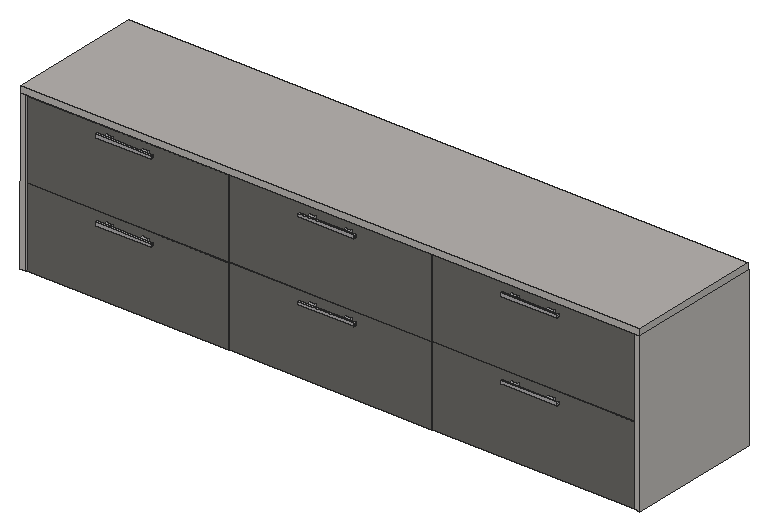
Revit family "Storage-Teknion-CWRS_Teknion_Reception_Console-R2016", category Furniture, Revit 2018 (continued)
Lines and regions (in)
  symbolic lines, style "FurnitureHiddenLines", visible <- "Triple Bay", detail levels medium+fine
    curve 23: line (-16.96104, 11.882, 0) -> (-18.00004, 11.882, 0)
    curve 24: line (18.00004, 11.882, 0) -> (16.96104, 11.882, 0)
    curve 25: line (19.03904, 11.882, 0) -> (18.00004, 11.882, 0)
    curve 35: line (-19.03904, 11.882, 0) -> (-19.03904, -11.039, 0)
    curve 36: line (-17.96104, -11.882, 0) -> (-17.96104, -11.157, 0)
    curve 37: line (-18.03978, -11.157, 0) -> (-18.03978, -11.882, 0)
    curve 38: line (18.03904, -11.882, 0) -> (18.03904, -11.157, 0)
    curve 39: line (17.9603, -11.157, 0) -> (17.9603, -11.882, 0)
    curve 40: line (-52.96113, 9.15748, 0) -> (-19.03904, 9.15748, 0)
    curve 41: line (-19.03904, 9.88189, 0) -> (-52.96113, 9.88189, 0)
    curve 42: line (16.96104, 9.88189, 0) -> (-16.96104, 9.88189, 0)
    curve 43: line (-16.96104, 9.15748, 0) -> (16.96104, 9.15748, 0)
    curve 44: line (52.96113, 9.88189, 0) -> (19.03904, 9.88189, 0)
    curve 45: line (19.03904, 9.15748, 0) -> (52.96113, 9.15748, 0)
  symbolic lines, style "FurnitureHiddenLines", visible <- "Double Bay", detail levels medium+fine
    curve 26: line (-1.039, 11.882, 0) -> (-1.039, -11.039, 0)
    curve 27: line (0, 11.882, 0) -> (0, -11.039, 0)
    curve 28: line (1.039, -11.039, 0) -> (1.039, 11.882, 0)
    curve 29: line (0, 11.882, 0) -> (-1.039, 11.882, 0)
    curve 30: line (1.039, 11.882, 0) -> (0, 11.882, 0)
    curve 46: line (52.96113, 9.88189, 0) -> (1.039, 9.88189, 0)
    curve 47: line (1.039, 9.15748, 0) -> (52.96113, 9.15748, 0)
    curve 48: line (-52.96113, 9.15748, 0) -> (-1.039, 9.15748, 0)
    curve 49: line (-1.039, 9.88189, 0) -> (-52.96113, 9.88189, 0)
    curve 76: line (0.039, -11.882, 0) -> (0.039, -11.157, 0)
    curve 77: line (-0.03974, -11.157, 0) -> (-0.03974, -11.882, 0)
  symbolic lines, style "FurnitureHiddenLines", visible <- "4T&Double", detail levels medium+fine
    curve 50: line (-0.97454, 5.47441, 0) -> (-54.00013, 5.47441, 0)
    curve 51: line (-0.97454, 12, 0) -> (-0.97454, 5.47441, 0)
    curve 52: line (-0.25013, 5.47441, 0) -> (-0.25013, 11.27559, 0)
    curve 53: line (0, 5.47441, 0) -> (-0.25013, 5.47441, 0)
    curve 54: line (0, 4.75, 0) -> (0, 5.47441, 0)
    curve 55: line (-54.00013, 4.75, 0) -> (0, 4.75, 0)
    curve 56: line (-0.25013, 11.27559, 0) -> (54.00013, 11.27559, 0)
  symbolic lines, style "FurnitureHiddenLines", visible <- "4T&Triple", detail levels medium+fine
    curve 57: line (17.02583, 5.47441, 0) -> (-17.02535, 5.47441, 0)
    curve 58: line (-17.02535, 5.47441, 0) -> (-17.02535, 11.27559, 0)
    curve 59: line (-17.02535, 11.27559, 0) -> (17.02583, 11.27559, 0)
    curve 60: line (17.02583, 11.27559, 0) -> (17.02583, 5.47441, 0)
    curve 61: line (-54.00013, 11.27559, 0) -> (-17.74976, 11.27559, 0)
    curve 62: line (-17.74976, 11.27559, 0) -> (-17.74976, 5.47441, 0)
    curve 63: line (-17.74976, 5.47441, 0) -> (-18.00004, 5.47441, 0)
    curve 64: line (-18.00004, 5.47441, 0) -> (-18.00004, 4.75, 0)
    curve 65: line (-18.00004, 4.75, 0) -> (18.00004, 4.75, 0)
    curve 66: line (18.00004, 4.75, 0) -> (18.00004, 5.47441, 0)
    curve 67: line (18.00004, 5.47441, 0) -> (17.75024, 5.47441, 0)
    curve 68: line (17.75024, 5.47441, 0) -> (17.75024, 11.27559, 0)
    curve 69: line (17.75024, 11.27559, 0) -> (54.00013, 11.27559, 0)
  symbolic lines, style "FurnitureHiddenLines", visible <- "Handle Vertical Triple", detail levels medium+fine
    curve 70: line (-36.03946, -11.157, 0) -> (-36.03946, -11.882, 0)
    curve 71: line (-35.96072, -11.882, 0) -> (-35.96072, -11.157, 0)
    curve 72: line (-0.03937, -11.157, 0) -> (-0.03937, -11.882, 0)
    curve 73: line (0.03937, -11.882, 0) -> (0.03937, -11.157, 0)
    curve 74: line (35.96072, -11.157, 0) -> (35.96072, -11.882, 0)
    curve 75: line (36.03946, -11.882, 0) -> (36.03946, -11.157, 0)
  symbolic lines, style "FurnitureHiddenLines", visible <- "Handle Vertical Double", detail levels medium+fine
    curve 78: line (-27.03944, -11.157, 0) -> (-27.03944, -11.882, 0)
    curve 79: line (-26.96069, -11.882, 0) -> (-26.96069, -11.157, 0)
    curve 80: line (26.96069, -11.157, 0) -> (26.96069, -11.882, 0)
    curve 81: line (27.03944, -11.882, 0) -> (27.03944, -11.157, 0)
  symbolic lines, style "FurnitureHiddenLines", visible <- "All Single Drawer Upper Closed Cabinet Lower & Triple", detail levels medium+fine
    curve 82: line (-37.65568, -12.58594, 0) -> (-37.65568, -12.88594, 0)
    curve 83: line (-37.1045, -12.88594, 0) -> (-37.1045, -12.58594, 0)
    curve 84: line (-34.89568, -12.58594, 0) -> (-34.89568, -12.88594, 0)
    curve 85: line (-34.3445, -12.88594, 0) -> (-34.3445, -12.58594, 0)
    curve 86: line (-1.65559, -12.58594, 0) -> (-1.65559, -12.88594, 0)
    curve 87: line (-1.10441, -12.88594, 0) -> (-1.10441, -12.58594, 0)
    curve 88: line (1.10441, -12.58594, 0) -> (1.10441, -12.88594, 0)
    curve 89: line (1.65559, -12.88594, 0) -> (1.65559, -12.58594, 0)
    curve 90: line (34.3445, -12.58594, 0) -> (34.3445, -12.88594, 0)
    curve 91: line (34.89568, -12.88594, 0) -> (34.89568, -12.58594, 0)
    curve 92: line (37.1045, -12.58594, 0) -> (37.1045, -12.88594, 0)
    curve 93: line (37.65568, -12.88594, 0) -> (37.65568, -12.58594, 0)
  symbolic lines, style "FurnitureHiddenLines", visible <- "All Single Drawer Upper Closed Cabinet Lower & Double", detail levels medium+fine
    curve 94: line (-28.65566, -12.58594, 0) -> (-28.65566, -12.88594, 0)
    curve 95: line (-28.10447, -12.88594, 0) -> (-28.10447, -12.58594, 0)
    curve 96: line (-25.89566, -12.58594, 0) -> (-25.89566, -12.88594, 0)
    curve 97: line (-25.34447, -12.88594, 0) -> (-25.34447, -12.58594, 0)
    curve 98: line (25.34447, -12.58594, 0) -> (25.34447, -12.88594, 0)
    curve 99: line (25.89566, -12.88594, 0) -> (25.89566, -12.58594, 0)
    curve 100: line (28.10447, -12.58594, 0) -> (28.10447, -12.88594, 0)
    curve 101: line (28.65566, -12.88594, 0) -> (28.65566, -12.58594, 0)
  reference lines, not visible
    curve 103: line (-55.03913, 12, 0) -> (-55.03913, -12, 0)
    curve 104: line (-55.03913, 12, 0) -> (55.03913, 12, 0)
    curve 105: line (55.03913, 12, 0) -> (55.03913, -12, 0)
    curve 106: line (-55.03913, -12, 0) -> (55.03913, -12, 0)
Dimensions and locks (in)
  "Actual Width": plane 4 "Left" to plane 5 "Right"
  "Depth": plane 6 "Back" to plane 7 "Front"
  "Height": plane 8 "Top" to level
  equal spacing: plane 6 "Back", plane 1 "Center Front/Back", plane 7 "Front"
  equal spacing: plane 4 "Left", plane 3 "Center Left/Right", plane 5 "Right"
  plane 4 "Left" to plane 10 to plane 36 to plane 21 = 1.03937" locked, 0.039" locked, 1.000"
  plane 25 to plane 37 "B" to plane 11 to plane 5 "Right" = 1.000" locked, 0.039" locked, 1.03937" locked
  equal spacing: plane 10, plane 9, plane 3 "Center Left/Right"
  equal spacing: plane 3 "Center Left/Right", plane 12, plane 11
  equal spacing: plane 10, plane 13, plane 14, plane 11
  "Side Top Offsets": plane 15 to level
  "Interal Divider Offsets": plane 16 to level
  plane 6 "Back" to plane 22 to plane 32 to plane 33 to plane 44 = 0.118" locked, 2.00011" locked, 0.72441" locked, 5.15748" locked
  plane 17 to plane 13 to plane 18 = 1.039" locked, 1.039" locked
  plane 19 to plane 3 "Center Left/Right" to plane 20 = 1.039" locked, 1.039" locked
  plane 23 to plane 14 to plane 24 = 1.039" locked, 1.039" locked
  plane 41 to plane 7 "Front" to plane 35 to plane 34 to plane 26 = 2.000" locked, 0.118" locked, 0.725" locked, 0.118" locked
  "Bottom Trim Offset": plane 7 "Front" to plane 27
  locked: plane 28 to plane 27 at 0.724
  plane 31 to plane 30 to level = 0.72441" locked, 2.500" locked
  plane 16 to plane 38 to plane 29 = 0.079" locked, 0.64578" locked
  equal spacing: plane 10, plane 39, plane 13
  equal spacing: plane 14, plane 40, plane 11
  Sweep 15 sketch curve to Sweep 15 sketch curve to plane 7 "Front" = 0.72441" locked, 1.61859" locked
  "Bottom Trim Cutout": Sweep 16 sketch curve to plane 41
  "Double Bay Offset": Sweep 17 sketch curve to plane 41
  Sweep 17 sketch curve to plane 3 "Center Left/Right" to Sweep 17 sketch curve = 0.039" locked, 0.03974" locked
  "Triple Bay Offset": Sweep 18 sketch curve to plane 41
  Sweep 18 sketch curve to plane 14 to Sweep 18 sketch curve = 0.03974" locked, 0.039" locked
  Sweep 18 sketch curve to plane 13 to Sweep 18 sketch curve = 0.03974" locked, 0.039" locked
  locked: Sweep 19 sketch curve to plane 16 at 1.03937
  "Top Side Offsets": plane 42 "A" to plane 10
  "Top Side Offsets": plane 11 to plane 43 "C"
  locked: plane 15 to Sweep 20 sketch curve at 1.03937
  plane 15 to Sweep 21 sketch curve to Sweep 21 sketch curve = 1.03937" locked, 4.96026" locked
  plane 6 "Back" to Sweep 21 sketch curve to Sweep 21 sketch curve to Sweep 21 sketch curve to Sweep 21 sketch curve = 0.72441" locked, 5.80118" locked, 0.000" locked, 0.72441" locked
  Sweep 21 sketch curve to Sweep 21 sketch curve to plane 3 "Center Left/Right" = 0.72441" locked, 0.25013" locked
  plane 15 to Sweep 22 sketch curve to Sweep 22 sketch curve = 1.03937" locked, 4.96026" locked
  plane 6 "Back" to Sweep 22 sketch curve to Sweep 22 sketch curve to Sweep 22 sketch curve to Sweep 22 sketch curve to Sweep 22 sketch curve to Sweep 22 sketch curve to Sweep 22 sketch curve = 0.72441" locked, 0.000" locked, 0.000" locked, 5.80118" locked, 0.000" locked, 0.000" locked, 0.72441" locked
  Sweep 22 sketch curve to Sweep 22 sketch curve to plane 14 = 0.72441" locked, 0.2498" locked
  plane 13 to Sweep 22 sketch curve to Sweep 22 sketch curve = 0.25028" locked, 0.72441" locked
  "Vertical Door Cut Offset": plane 38 to plane 46
  "Double Bay Door Offset": Sweep 23 sketch curve to plane 41
  Sweep 23 sketch curve to plane 9 to Sweep 23 sketch curve = 0.03937" locked, 0.03937" locked
  Sweep 23 sketch curve to plane 12 to Sweep 23 sketch curve = 0.03937" locked, 0.03937" locked
  "Triple Bay Door Offset": Sweep 24 sketch curve to plane 41
  Sweep 24 sketch curve to plane 39 to Sweep 24 sketch curve = 0.03937" locked, 0.03937" locked
  Sweep 24 sketch curve to plane 3 "Center Left/Right" to Sweep 24 sketch curve = 0.03937" locked, 0.03937" locked
  Sweep 24 sketch curve to plane 40 to Sweep 24 sketch curve = 0.03937" locked, 0.03937" locked
  "Horizontal Drawer Cut Offset": Sweep 25 sketch curve to plane 41
  locked: Sweep 25 sketch curve to plane 45 at 0.07874
  "Horizontal Drawer Cut 2 Height Offset": plane 47 to level
  "Horizontal Drawer Cut Offset 2": Sweep 26 sketch curve to plane 41
  locked: Sweep 26 sketch curve to plane 47 at 0.07874
  "Horizontal Drawer Cut Height Offset": plane 45 to level
  locked: plane 35 to Sweep 27 sketch curve at 0.78074
  Sweep 27 sketch curve to Sweep 27 sketch curve to plane 39 to Sweep 27 sketch curve to Sweep 27 sketch curve = 1.07815" locked, 2.69004" locked, 2.68851" locked, 1.07815" locked
  Sweep 27 sketch curve to Sweep 27 sketch curve to plane 3 "Center Left/Right" to Sweep 27 sketch curve to Sweep 27 sketch curve = 1.07815" locked, 2.68888" locked, 2.68967" locked, 1.07815" locked
  Sweep 27 sketch curve to Sweep 27 sketch curve to plane 40 to Sweep 27 sketch curve to Sweep 27 sketch curve = 1.07815" locked, 2.68888" locked, 2.68967" locked, 1.07815" locked
  plane 38 to Sweep 27 sketch curve to Sweep 27 sketch curve to Sweep 27 sketch curve to Sweep 27 sketch curve to Sweep 27 sketch curve to Sweep 27 sketch curve to Sweep 27 sketch curve to Sweep 27 sketch curve to Sweep 27 sketch curve to Sweep 27 sketch curve to Sweep 27 sketch curve to Sweep 27 sketch curve = 1.17557" locked, 0.000" locked, 0.000" locked, 0.000" locked, 0.000" locked, 0.000" locked, 0.40886" locked, 0.000" locked, 0.000" locked, 0.000" locked, 0.000" locked, 0.000" locked
  locked: plane 35 to Sweep 28 sketch curve at 0.78074
  Sweep 28 sketch curve to Sweep 28 sketch curve to plane 9 to Sweep 28 sketch curve to Sweep 28 sketch curve = 1.07815" locked, 2.68851" locked, 2.69004" locked, 1.07815" locked
  Sweep 28 sketch curve to Sweep 28 sketch curve to plane 12 to Sweep 28 sketch curve to Sweep 28 sketch curve = 1.07815" locked, 2.69004" locked, 2.68851" locked, 1.07815" locked
  plane 38 to Sweep 28 sketch curve to Sweep 28 sketch curve to Sweep 28 sketch curve to Sweep 28 sketch curve to Sweep 28 sketch curve to Sweep 28 sketch curve to Sweep 28 sketch curve to Sweep 28 sketch curve = 1.17557" locked, 0.000" locked, 0.000" locked, 0.000" locked, 0.40886" locked, 0.000" locked, 0.000" locked, 0.000" locked
  locked: plane 35 to Sweep 29 sketch curve at 0.78074
  plane 45 to Sweep 29 sketch curve to Sweep 29 sketch curve to Sweep 29 sketch curve to Sweep 29 sketch curve to Sweep 29 sketch curve to Sweep 29 sketch curve to Sweep 29 sketch curve to Sweep 29 sketch curve to Sweep 29 sketch curve to Sweep 29 sketch curve to Sweep 29 sketch curve to Sweep 29 sketch curve = 1.17557" locked, 0.000" locked, 0.000" locked, 0.000" locked, 0.000" locked, 0.000" locked, 0.40886" locked, 0.000" locked, 0.000" locked, 0.000" locked, 0.000" locked, 0.000" locked
  Sweep 29 sketch curve to Sweep 29 sketch curve to plane 39 to Sweep 29 sketch curve to Sweep 29 sketch curve = 1.07815" locked, 2.69004" locked, 2.68851" locked, 1.07815" locked
  Sweep 29 sketch curve to Sweep 29 sketch curve to plane 3 "Center Left/Right" to Sweep 29 sketch curve to Sweep 29 sketch curve = 1.07815" locked, 2.68888" locked, 2.68967" locked, 1.07815" locked
  Sweep 29 sketch curve to Sweep 29 sketch curve to plane 40 to Sweep 29 sketch curve to Sweep 29 sketch curve = 1.07815" locked, 2.68967" locked, 2.68888" locked, 1.07815" locked
  locked: plane 35 to Sweep 30 sketch curve at 0.78074
  plane 45 to Sweep 30 sketch curve to Sweep 30 sketch curve to Sweep 30 sketch curve to Sweep 30 sketch curve to Sweep 30 sketch curve to Sweep 30 sketch curve to Sweep 30 sketch curve to Sweep 30 sketch curve = 1.17557" locked, 0.000" locked, 0.000" locked, 0.000" locked, 0.40886" locked, 0.000" locked, 0.000" locked, 0.000" locked
  Sweep 30 sketch curve to Sweep 30 sketch curve to plane 9 to Sweep 30 sketch curve to Sweep 30 sketch curve = 1.07815" locked, 2.68851" locked, 2.69004" locked, 1.07815" locked
  Sweep 30 sketch curve to Sweep 30 sketch curve to plane 12 to Sweep 30 sketch curve to Sweep 30 sketch curve = 1.07815" locked, 2.69004" locked, 2.68851" locked, 1.07815" locked
  locked: plane 35 to Sweep 31 sketch curve at 0.78074
  plane 47 to Sweep 31 sketch curve to Sweep 31 sketch curve to Sweep 31 sketch curve to Sweep 31 sketch curve to Sweep 31 sketch curve to Sweep 31 sketch curve to Sweep 31 sketch curve to Sweep 31 sketch curve to Sweep 31 sketch curve to Sweep 31 sketch curve to Sweep 31 sketch curve to Sweep 31 sketch curve = 1.17557" locked, 0.000" locked, 0.000" locked, 0.000" locked, 0.000" locked, 0.000" locked, 0.40886" locked, 0.000" locked, 0.000" locked, 0.000" locked, 0.000" locked, 0.000" locked
  Sweep 31 sketch curve to Sweep 31 sketch curve to plane 39 to Sweep 31 sketch curve to Sweep 31 sketch curve = 1.07815" locked, 2.69004" locked, 2.68851" locked, 1.07815" locked
  Sweep 31 sketch curve to Sweep 31 sketch curve to plane 3 "Center Left/Right" to Sweep 31 sketch curve to Sweep 31 sketch curve = 1.07815" locked, 2.68888" locked, 2.68967" locked, 1.07815" locked
  Sweep 31 sketch curve to Sweep 31 sketch curve to plane 40 to Sweep 31 sketch curve to Sweep 31 sketch curve = 1.07815" locked, 2.68967" locked, 2.68888" locked, 1.07815" locked
  locked: plane 35 to Sweep 32 sketch curve at 0.78074
  plane 47 to Sweep 32 sketch curve to Sweep 32 sketch curve to Sweep 32 sketch curve to Sweep 32 sketch curve to Sweep 32 sketch curve to Sweep 32 sketch curve to Sweep 32 sketch curve to Sweep 32 sketch curve = 1.17557" locked, 0.000" locked, 0.000" locked, 0.000" locked, 0.40886" locked, 0.000" locked, 0.000" locked, 0.000" locked
  Sweep 32 sketch curve to Sweep 32 sketch curve to plane 9 to Sweep 32 sketch curve to Sweep 32 sketch curve = 1.07815" locked, 2.68851" locked, 2.69004" locked, 1.07815" locked
  Sweep 32 sketch curve to Sweep 32 sketch curve to plane 12 to Sweep 32 sketch curve to Sweep 32 sketch curve = 1.07815" locked, 2.69004" locked, 2.68851" locked, 1.07815" locked
  plane 35 to Sweep 33 sketch curve to Sweep 33 sketch curve = 0.70394" locked, 0.300" locked
  Sweep 33 sketch curve to Sweep 33 sketch curve to Sweep 33 sketch curve to plane 39 to Sweep 33 sketch curve to Sweep 33 sketch curve to Sweep 33 sketch curve = 0.1378" locked, 0.000" locked, 4.8622" locked, 4.8622" locked, 0.000" locked, 0.1378" locked
  Sweep 33 sketch curve to Sweep 33 sketch curve to Sweep 33 sketch curve to plane 3 "Center Left/Right" to Sweep 33 sketch curve to Sweep 33 sketch curve to Sweep 33 sketch curve = 0.1378" locked, 0.000" locked, 4.86181" locked, 4.8626" locked, 0.000" locked, 0.1378" locked
  Sweep 33 sketch curve to Sweep 33 sketch curve to Sweep 33 sketch curve to plane 40 to Sweep 33 sketch curve to Sweep 33 sketch curve to Sweep 33 sketch curve = 0.1378" locked, 0.000" locked, 4.8626" locked, 4.86181" locked, 0.000" locked, 0.1378" locked
  plane 38 to Sweep 33 sketch curve to Sweep 33 sketch curve to Sweep 33 sketch curve to Sweep 33 sketch curve to Sweep 33 sketch curve to Sweep 33 sketch curve to Sweep 33 sketch curve to Sweep 33 sketch curve to Sweep 33 sketch curve to Sweep 33 sketch curve to Sweep 33 sketch curve to Sweep 33 sketch curve to Sweep 33 sketch curve to Sweep 33 sketch curve to Sweep 33 sketch curve to Sweep 33 sketch curve to Sweep 33 sketch curve to Sweep 33 sketch curve = 1.10441" locked, 0.000" locked, 0.000" locked, 0.1378" locked, 0.000" locked, 0.000" locked, 0.000" locked, 0.000" locked, 0.000" locked, 0.27559" locked, 0.000" locked, 0.000" locked, 0.000" locked, 0.000" locked, 0.000" locked, 0.1378" locked, 0.000" locked, 0.000" locked
  plane 35 to Sweep 34 sketch curve to Sweep 34 sketch curve = 0.70394" locked, 0.300" locked
  Sweep 34 sketch curve to Sweep 34 sketch curve to Sweep 34 sketch curve to plane 9 to Sweep 34 sketch curve to Sweep 34 sketch curve to Sweep 34 sketch curve = 0.1378" locked, 0.000" locked, 4.86144" locked, 4.86297" locked, 0.000" locked, 0.1378" locked
  Sweep 34 sketch curve to Sweep 34 sketch curve to Sweep 34 sketch curve to plane 12 to Sweep 34 sketch curve to Sweep 34 sketch curve to Sweep 34 sketch curve = 0.1378" locked, 0.000" locked, 4.86144" locked, 4.86297" locked, 0.000" locked, 0.1378" locked
  plane 38 to Sweep 34 sketch curve to Sweep 34 sketch curve to Sweep 34 sketch curve to Sweep 34 sketch curve to Sweep 34 sketch curve to Sweep 34 sketch curve = 1.10441" locked, 0.1378" locked, 0.000" locked, 0.27559" locked, 0.000" locked, 0.1378" locked  (x2)
  plane 35 to Sweep 35 sketch curve to Sweep 35 sketch curve = 0.70394" locked, 0.300" locked
  Sweep 35 sketch curve to Sweep 35 sketch curve to Sweep 35 sketch curve to plane 39 to Sweep 35 sketch curve to Sweep 35 sketch curve to Sweep 35 sketch curve = 0.1378" locked, 0.000" locked, 4.8622" locked, 4.8622" locked, 0.000" locked, 0.1378" locked
  Sweep 35 sketch curve to Sweep 35 sketch curve to Sweep 35 sketch curve to plane 3 "Center Left/Right" to Sweep 35 sketch curve to Sweep 35 sketch curve to Sweep 35 sketch curve = 0.1378" locked, 0.000" locked, 4.86181" locked, 4.8626" locked, 0.000" locked, 0.1378" locked
  Sweep 35 sketch curve to Sweep 35 sketch curve to Sweep 35 sketch curve to plane 40 to Sweep 35 sketch curve to Sweep 35 sketch curve to Sweep 35 sketch curve = 0.1378" locked, 0.000" locked, 4.8626" locked, 4.86181" locked, 0.000" locked, 0.1378" locked
  plane 47 to Sweep 35 sketch curve to Sweep 35 sketch curve to Sweep 35 sketch curve to Sweep 35 sketch curve to Sweep 35 sketch curve to Sweep 35 sketch curve to Sweep 35 sketch curve to Sweep 35 sketch curve to Sweep 35 sketch curve to Sweep 35 sketch curve to Sweep 35 sketch curve to Sweep 35 sketch curve to Sweep 35 sketch curve to Sweep 35 sketch curve to Sweep 35 sketch curve to Sweep 35 sketch curve to Sweep 35 sketch curve to Sweep 35 sketch curve = 1.10441" locked, 0.000" locked, 0.000" locked, 0.1378" locked, 0.000" locked, 0.000" locked, 0.000" locked, 0.000" locked, 0.000" locked, 0.27559" locked, 0.000" locked, 0.000" locked, 0.000" locked, 0.000" locked, 0.000" locked, 0.1378" locked, 0.000" locked, 0.000" locked
  plane 35 to Sweep 36 sketch curve to Sweep 36 sketch curve = 0.70394" locked, 0.300" locked
  Sweep 36 sketch curve to Sweep 36 sketch curve to Sweep 36 sketch curve to plane 9 to Sweep 36 sketch curve to Sweep 36 sketch curve to Sweep 36 sketch curve = 0.1378", 0.000", 4.86144", 4.86297", 0.000", 0.1378"
  Sweep 36 sketch curve to Sweep 36 sketch curve to Sweep 36 sketch curve to plane 12 to Sweep 36 sketch curve to Sweep 36 sketch curve to Sweep 36 sketch curve = 0.1378" locked, 0.000" locked, 4.86144" locked, 4.86297" locked, 0.000" locked, 0.1378" locked
  plane 47 to Sweep 36 sketch curve to Sweep 36 sketch curve to Sweep 36 sketch curve to Sweep 36 sketch curve to Sweep 36 sketch curve to Sweep 36 sketch curve to Sweep 36 sketch curve to Sweep 36 sketch curve to Sweep 36 sketch curve to Sweep 36 sketch curve to Sweep 36 sketch curve to Sweep 36 sketch curve = 1.10441" locked, 0.000" locked, 0.1378" locked, 0.000" locked, 0.000" locked, 0.000" locked, 0.27559" locked, 0.000" locked, 0.000" locked, 0.000" locked, 0.1378" locked, 0.000" locked
  plane 35 to Sweep 37 sketch curve to Sweep 37 sketch curve = 0.70394" locked, 0.300" locked
  Sweep 37 sketch curve to Sweep 37 sketch curve to Sweep 37 sketch curve to plane 39 to Sweep 37 sketch curve to Sweep 37 sketch curve to Sweep 37 sketch curve = 0.1378" locked, 0.000" locked, 4.8622" locked, 4.8622" locked, 0.000" locked, 0.1378" locked
  Sweep 37 sketch curve to Sweep 37 sketch curve to Sweep 37 sketch curve to plane 3 "Center Left/Right" to Sweep 37 sketch curve to Sweep 37 sketch curve to Sweep 37 sketch curve = 0.1378" locked, 0.000" locked, 4.86181" locked, 4.8626" locked, 0.000" locked, 0.1378" locked
  Sweep 37 sketch curve to Sweep 37 sketch curve to Sweep 37 sketch curve to plane 40 to Sweep 37 sketch curve to Sweep 37 sketch curve to Sweep 37 sketch curve = 0.1378" locked, 0.000" locked, 4.8626" locked, 4.86181" locked, 0.000" locked, 0.1378" locked
  plane 45 to Sweep 37 sketch curve to Sweep 37 sketch curve to Sweep 37 sketch curve to Sweep 37 sketch curve to Sweep 37 sketch curve to Sweep 37 sketch curve to Sweep 37 sketch curve to Sweep 37 sketch curve to Sweep 37 sketch curve to Sweep 37 sketch curve to Sweep 37 sketch curve to Sweep 37 sketch curve to Sweep 37 sketch curve to Sweep 37 sketch curve to Sweep 37 sketch curve to Sweep 37 sketch curve to Sweep 37 sketch curve to Sweep 37 sketch curve = 1.10441" locked, 0.000" locked, 0.000" locked, 0.1378" locked, 0.000" locked, 0.000" locked, 0.000" locked, 0.000" locked, 0.000" locked, 0.27559" locked, 0.000" locked, 0.000" locked, 0.000" locked, 0.000" locked, 0.000" locked, 0.1378" locked, 0.000" locked, 0.000" locked
  plane 35 to Sweep 38 sketch curve to Sweep 38 sketch curve = 0.70394" locked, 0.300" locked
  Sweep 38 sketch curve to Sweep 38 sketch curve to Sweep 38 sketch curve to plane 9 to Sweep 38 sketch curve to Sweep 38 sketch curve to Sweep 38 sketch curve = 0.1378" locked, 0.000" locked, 4.86144" locked, 4.86297" locked, 0.000" locked, 0.1378" locked
  Sweep 38 sketch curve to Sweep 38 sketch curve to Sweep 38 sketch curve to plane 12 to Sweep 38 sketch curve to Sweep 38 sketch curve to Sweep 38 sketch curve = 0.1378" locked, 0.000" locked, 4.86144" locked, 4.86297" locked, 0.000" locked, 0.1378" locked
  plane 45 to Sweep 38 sketch curve to Sweep 38 sketch curve to Sweep 38 sketch curve to Sweep 38 sketch curve to Sweep 38 sketch curve to Sweep 38 sketch curve to Sweep 38 sketch curve to Sweep 38 sketch curve to Sweep 38 sketch curve to Sweep 38 sketch curve to Sweep 38 sketch curve to Sweep 38 sketch curve = 1.10441" locked, 0.000" locked, 0.1378" locked, 0.000" locked, 0.000" locked, 0.000" locked, 0.27559" locked, 0.000" locked, 0.000" locked, 0.000" locked, 0.1378" locked, 0.000" locked
  locked: plane 35 to Sweep 39 sketch curve at 0.78074
  Sweep 39 sketch curve to Sweep 39 sketch curve to Sweep 39 sketch curve to Sweep 39 sketch curve to plane 39 to Sweep 39 sketch curve to Sweep 39 sketch curve to Sweep 39 sketch curve to Sweep 39 sketch curve = 0.000" locked, 0.40886" locked, 0.000" locked, 1.17557" locked, 1.17557" locked, 0.000" locked, 0.40886" locked, 0.000" locked
  Sweep 39 sketch curve to Sweep 39 sketch curve to Sweep 39 sketch curve to Sweep 39 sketch curve to plane 3 "Center Left/Right" to Sweep 39 sketch curve to Sweep 39 sketch curve to Sweep 39 sketch curve to Sweep 39 sketch curve = 0.000" locked, 0.40886" locked, 0.000" locked, 1.17557" locked, 1.17557" locked, 0.000" locked, 0.40886" locked, 0.000" locked
  Sweep 39 sketch curve to Sweep 39 sketch curve to Sweep 39 sketch curve to Sweep 39 sketch curve to plane 40 to Sweep 39 sketch curve to Sweep 39 sketch curve to Sweep 39 sketch curve to Sweep 39 sketch curve = 0.000" locked, 0.40886" locked, 0.000" locked, 1.17557" locked, 1.17557" locked, 0.000" locked, 0.40886" locked, 0.000" locked
  Sweep 39 sketch curve to Sweep 39 sketch curve to Sweep 39 sketch curve to Sweep 39 sketch curve to Sweep 39 sketch curve to Sweep 39 sketch curve to Sweep 39 sketch curve to Sweep 39 sketch curve to Sweep 39 sketch curve to Sweep 39 sketch curve to Sweep 39 sketch curve to Sweep 39 sketch curve to Sweep 39 sketch curve to Sweep 39 sketch curve to Sweep 39 sketch curve to Sweep 39 sketch curve to Sweep 39 sketch curve to Sweep 39 sketch curve to Sweep 39 sketch curve to Sweep 39 sketch curve to Sweep 39 sketch curve to Sweep 39 sketch curve to Sweep 39 sketch curve to Sweep 39 sketch curve = 0.000" locked, 0.000" locked, 0.000" locked, 0.000" locked, 0.000" locked, 1.07815" locked, 0.000" locked, 0.000" locked, 0.000" locked, 0.000" locked, 0.000" locked, 5.37854" locked, 0.000" locked, 0.000" locked, 0.000" locked, 0.000" locked, 0.000" locked, 1.07815" locked, 0.000" locked, 0.000" locked, 0.000" locked, 0.000" locked, 0.000" locked
  locked: plane 35 to Sweep 40 sketch curve at 0.78074
  Sweep 40 sketch curve to Sweep 40 sketch curve to Sweep 40 sketch curve to Sweep 40 sketch curve to plane 9 to Sweep 40 sketch curve to Sweep 40 sketch curve to Sweep 40 sketch curve to Sweep 40 sketch curve = 0.000" locked, 0.40886" locked, 0.000" locked, 1.17557" locked, 1.17557" locked, 0.000" locked, 0.40886" locked, 0.000" locked
  Sweep 40 sketch curve to Sweep 40 sketch curve to Sweep 40 sketch curve to Sweep 40 sketch curve to plane 12 to Sweep 40 sketch curve to Sweep 40 sketch curve to Sweep 40 sketch curve to Sweep 40 sketch curve = 0.000" locked, 0.40886" locked, 0.000" locked, 1.17557" locked, 1.17557" locked, 0.000" locked, 0.40886" locked, 0.000" locked
  Sweep 40 sketch curve to Sweep 40 sketch curve to Sweep 40 sketch curve to Sweep 40 sketch curve to Sweep 40 sketch curve to Sweep 40 sketch curve to Sweep 40 sketch curve to Sweep 40 sketch curve to Sweep 40 sketch curve to Sweep 40 sketch curve to Sweep 40 sketch curve to Sweep 40 sketch curve to Sweep 40 sketch curve to Sweep 40 sketch curve to Sweep 40 sketch curve to Sweep 40 sketch curve = 0.000" locked, 0.000" locked, 0.000" locked, 1.07815" locked, 0.000" locked, 0.000" locked, 0.000" locked, 5.37854" locked, 0.000" locked, 0.000" locked, 0.000" locked, 1.07815" locked, 0.000" locked, 0.000" locked, 0.000" locked
  plane 16 to plane 38 = 0.079"
  plane 35 to Sweep 41 sketch curve to Sweep 41 sketch curve = 0.70394" locked, 0.300" locked
  Sweep 41 sketch curve to Sweep 41 sketch curve to Sweep 41 sketch curve to Sweep 41 sketch curve to Sweep 41 sketch curve to Sweep 41 sketch curve to plane 39 to Sweep 41 sketch curve to Sweep 41 sketch curve to Sweep 41 sketch curve to Sweep 41 sketch curve to Sweep 41 sketch curve to Sweep 41 sketch curve = 0.1378" locked, 0.000" locked, 0.27559" locked, 0.000" locked, 0.1378" locked, 1.10441" locked, 1.10441" locked, 0.1378" locked, 0.000" locked, 0.27559" locked, 0.000" locked, 0.1378" locked
  Sweep 41 sketch curve to Sweep 41 sketch curve to Sweep 41 sketch curve to Sweep 41 sketch curve to Sweep 41 sketch curve to Sweep 41 sketch curve to plane 3 "Center Left/Right" to Sweep 41 sketch curve to Sweep 41 sketch curve to Sweep 41 sketch curve to Sweep 41 sketch curve to Sweep 41 sketch curve to Sweep 41 sketch curve = 0.1378" locked, 0.000" locked, 0.27559" locked, 0.000" locked, 0.1378" locked, 1.10441" locked, 1.10441" locked, 0.1378" locked, 0.000" locked, 0.27559" locked, 0.000" locked, 0.1378" locked
  Sweep 41 sketch curve to Sweep 41 sketch curve to Sweep 41 sketch curve to Sweep 41 sketch curve to Sweep 41 sketch curve to Sweep 41 sketch curve to plane 40 to Sweep 41 sketch curve to Sweep 41 sketch curve to Sweep 41 sketch curve to Sweep 41 sketch curve to Sweep 41 sketch curve to Sweep 41 sketch curve = 0.1378" locked, 0.000" locked, 0.27559" locked, 0.000" locked, 0.1378" locked, 1.10441" locked, 1.10441" locked, 0.1378" locked, 0.000" locked, 0.27559" locked, 0.000" locked, 0.1378" locked
  Sweep 41 sketch curve to Sweep 41 sketch curve to Sweep 41 sketch curve to Sweep 41 sketch curve to Sweep 41 sketch curve to Sweep 41 sketch curve to Sweep 41 sketch curve to Sweep 41 sketch curve to Sweep 41 sketch curve to Sweep 41 sketch curve to Sweep 41 sketch curve to Sweep 41 sketch curve to Sweep 41 sketch curve to Sweep 41 sketch curve to Sweep 41 sketch curve to Sweep 41 sketch curve to Sweep 41 sketch curve to Sweep 41 sketch curve to Sweep 41 sketch curve to Sweep 41 sketch curve to Sweep 41 sketch curve to Sweep 41 sketch curve to Sweep 41 sketch curve to Sweep 41 sketch curve to Sweep 41 sketch curve to Sweep 41 sketch curve to Sweep 41 sketch curve to Sweep 41 sketch curve to Sweep 41 sketch curve to Sweep 41 sketch curve to Sweep 41 sketch curve to Sweep 41 sketch curve to Sweep 41 sketch curve to Sweep 41 sketch curve to Sweep 41 sketch curve to Sweep 41 sketch curve = 0.000" locked, 0.000" locked, 0.000" locked, 0.000" locked, 0.000" locked, 0.1378" locked, 0.000" locked, 0.000" locked, 0.000" locked, 0.000" locked, 0.000" locked, 0.000" locked, 0.000" locked, 0.000" locked, 0.000" locked, 0.000" locked, 0.000" locked, 9.72441" locked, 0.000" locked, 0.000" locked, 0.000" locked, 0.000" locked, 0.000" locked, 0.000" locked, 0.000" locked, 0.000" locked, 0.000" locked, 0.000" locked, 0.000" locked, 0.1378" locked, 0.000" locked, 0.000" locked, 0.000" locked, 0.000" locked, 0.000" locked
  plane 35 to Sweep 42 sketch curve to Sweep 42 sketch curve = 0.70394" locked, 0.300" locked
  Sweep 42 sketch curve to Sweep 42 sketch curve to Sweep 42 sketch curve to Sweep 42 sketch curve to Sweep 42 sketch curve to Sweep 42 sketch curve to plane 9 to Sweep 42 sketch curve to Sweep 42 sketch curve to Sweep 42 sketch curve to Sweep 42 sketch curve to Sweep 42 sketch curve to Sweep 42 sketch curve = 0.1378" locked, 0.000" locked, 0.27559" locked, 0.000" locked, 0.1378" locked, 1.10441" locked, 1.10441" locked, 0.1378" locked, 0.000" locked, 0.27559" locked, 0.000" locked, 0.1378" locked
  Sweep 42 sketch curve to Sweep 42 sketch curve to Sweep 42 sketch curve to Sweep 42 sketch curve to Sweep 42 sketch curve to Sweep 42 sketch curve to plane 12 to Sweep 42 sketch curve to Sweep 42 sketch curve to Sweep 42 sketch curve to Sweep 42 sketch curve to Sweep 42 sketch curve to Sweep 42 sketch curve = 0.1378" locked, 0.000" locked, 0.27559" locked, 0.000" locked, 0.1378" locked, 1.10441" locked, 1.10441" locked, 0.1378" locked, 0.000" locked, 0.27559" locked, 0.000" locked, 0.1378" locked
  Sweep 42 sketch curve to Sweep 42 sketch curve to Sweep 42 sketch curve to Sweep 42 sketch curve to Sweep 42 sketch curve to Sweep 42 sketch curve to Sweep 42 sketch curve to Sweep 42 sketch curve to Sweep 42 sketch curve to Sweep 42 sketch curve to Sweep 42 sketch curve to Sweep 42 sketch curve to Sweep 42 sketch curve to Sweep 42 sketch curve to Sweep 42 sketch curve to Sweep 42 sketch curve to Sweep 42 sketch curve to Sweep 42 sketch curve to Sweep 42 sketch curve to Sweep 42 sketch curve to Sweep 42 sketch curve to Sweep 42 sketch curve to Sweep 42 sketch curve to Sweep 42 sketch curve = 0.000" locked, 0.000" locked, 0.000" locked, 0.1378" locked, 0.000" locked, 0.000" locked, 0.000" locked, 0.000" locked, 0.000" locked, 0.000" locked, 0.000" locked, 9.72441" locked, 0.000" locked, 0.000" locked, 0.000" locked, 0.000" locked, 0.000" locked, 0.000" locked, 0.000" locked, 0.1378" locked, 0.000" locked, 0.000" locked, 0.000" locked
  "Handle Vertical Offsets": plane 46 to Sweep 41 sketch curve
  "Handle Vertical Offsets": plane 46 to Sweep 42 sketch curve
  "Handle Vertical Offsets 2": plane 46 to Sweep 39 sketch curve
  "Handle Vertical Offsets 2": plane 46 to Sweep 40 sketch curve
  Masking region 5 sketch curve to plane 39 to Masking region 5 sketch curve = 5.000" locked, 5.000" locked
  Masking region 5 sketch curve to plane 3 "Center Left/Right" to Masking region 5 sketch curve = 5.00039" locked, 4.99961" locked
  Masking region 5 sketch curve to plane 40 to Masking region 5 sketch curve = 5.000" locked, 4.99961" locked
  Masking region 5 sketch curve to Masking region 5 sketch curve to plane 7 "Front" = 0.300" locked, 0.58594" locked  (x3)
  Masking region 6 sketch curve to Masking region 6 sketch curve to plane 39 to Masking region 6 sketch curve to Masking region 6 sketch curve = 1.07815" locked, 2.69004" locked, 2.68851" locked, 1.07815" locked
  Masking region 6 sketch curve to Masking region 6 sketch curve to plane 3 "Center Left/Right" to Masking region 6 sketch curve to Masking region 6 sketch curve = 1.07815" locked, 2.68967" locked, 2.68888" locked, 1.07815" locked
  Masking region 6 sketch curve to Masking region 6 sketch curve to plane 40 to Masking region 6 sketch curve to Masking region 6 sketch curve = 1.07815" locked, 2.68967" locked, 2.68888" locked, 1.07815" locked
  Masking region 6 sketch curve to Masking region 6 sketch curve to Masking region 6 sketch curve to Masking region 6 sketch curve to Masking region 6 sketch curve to Masking region 6 sketch curve to plane 7 "Front" = 0.000" locked, 0.000" locked, 0.000" locked, 0.000" locked, 0.000" locked, 0.58594" locked
  Masking region 7 sketch curve to plane 9 to Masking region 7 sketch curve = 5.00076" locked, 4.99924" locked
  Masking region 7 sketch curve to plane 12 to Masking region 7 sketch curve = 4.99924" locked, 5.00076" locked
  plane 35 to Masking region 7 sketch curve to Masking region 7 sketch curve to Masking region 7 sketch curve to Masking region 7 sketch curve = 0.70394" locked, 0.000" locked, 0.300" locked, 0.000" locked
  Masking region 8 sketch curve to Masking region 8 sketch curve to plane 9 to Masking region 8 sketch curve to Masking region 8 sketch curve = 1.07815" locked, 2.69004" locked, 2.68851" locked, 1.07815" locked
  Masking region 8 sketch curve to Masking region 8 sketch curve to plane 12 to Masking region 8 sketch curve to Masking region 8 sketch curve = 1.07815" locked, 2.68851" locked, 2.69004" locked, 1.07815" locked
  Masking region 8 sketch curve to Masking region 8 sketch curve to Masking region 8 sketch curve to Masking region 8 sketch curve to plane 7 "Front" = 0.000", 0.000", 0.000" locked, 0.58594" locked
  Masking region 9 sketch curve to Masking region 9 sketch curve to plane 39 to Masking region 9 sketch curve to Masking region 9 sketch curve = 0.40886" locked, 1.17557" locked, 1.17557" locked, 0.40886" locked
  Masking region 9 sketch curve to Masking region 9 sketch curve to plane 3 "Center Left/Right" to Masking region 9 sketch curve to Masking region 9 sketch curve = 0.40886" locked, 1.17557" locked, 1.17557" locked, 0.40886" locked
  Masking region 9 sketch curve to Masking region 9 sketch curve to plane 40 to Masking region 9 sketch curve to Masking region 9 sketch curve = 0.40886" locked, 1.17557" locked, 1.17557" locked, 0.40886" locked
  Masking region 9 sketch curve to Masking region 9 sketch curve to Masking region 9 sketch curve to Masking region 9 sketch curve to Masking region 9 sketch curve to Masking region 9 sketch curve to plane 7 "Front" = 0.000" locked, 0.000" locked, 0.000" locked, 0.000" locked, 0.000" locked, 0.58594" locked
  Masking region 10 sketch curve to Masking region 10 sketch curve to plane 9 to Masking region 10 sketch curve to Masking region 10 sketch curve = 0.40886" locked, 1.17557" locked, 1.17557" locked, 0.40886" locked
  Masking region 10 sketch curve to Masking region 10 sketch curve to plane 12 to Masking region 10 sketch curve to Masking region 10 sketch curve = 0.40886" locked, 1.17557" locked, 1.17557" locked, 0.40886" locked
  Masking region 10 sketch curve to Masking region 10 sketch curve to Masking region 10 sketch curve to Masking region 10 sketch curve to plane 7 "Front" = 0.000" locked, 0.000" locked, 0.000" locked, 0.58594" locked
  plane 35 to Masking region 11 sketch curve to Masking region 11 sketch curve to Masking region 11 sketch curve to Masking region 11 sketch curve to Masking region 11 sketch curve to Masking region 11 sketch curve to Masking region 11 sketch curve to Masking region 11 sketch curve = 0.70394" locked, 0.000" locked, 0.000" locked, 0.000" locked, 0.300" locked, 0.000" locked, 0.000" locked, 0.000" locked
  Masking region 11 sketch curve to Masking region 11 sketch curve to plane 9 to Masking region 11 sketch curve to Masking region 11 sketch curve = 0.55118" locked, 1.10441" locked, 1.10441" locked, 0.55118" locked
  Masking region 11 sketch curve to Masking region 11 sketch curve to plane 12 to Masking region 11 sketch curve to Masking region 11 sketch curve = 0.55118" locked, 1.10441" locked, 1.10441" locked, 0.55118" locked
  Masking region 12 sketch curve to Masking region 12 sketch curve to plane 40 to Masking region 12 sketch curve to Masking region 12 sketch curve = 0.55118" locked, 1.10441" locked, 1.10441" locked, 0.55118" locked
  Masking region 12 sketch curve to Masking region 12 sketch curve to plane 3 "Center Left/Right" to Masking region 12 sketch curve to Masking region 12 sketch curve = 0.55118" locked, 1.10441" locked, 1.10441" locked, 0.55118" locked
  Masking region 12 sketch curve to Masking region 12 sketch curve to plane 39 to Masking region 12 sketch curve to Masking region 12 sketch curve = 0.55118" locked, 1.10441" locked, 1.10441" locked, 0.55118" locked
  Masking region 12 sketch curve to Masking region 12 sketch curve to Masking region 12 sketch curve to Masking region 12 sketch curve to Masking region 12 sketch curve to Masking region 12 sketch curve to Masking region 12 sketch curve to Masking region 12 sketch curve to Masking region 12 sketch curve to Masking region 12 sketch curve to Masking region 12 sketch curve to Masking region 12 sketch curve to plane 7 "Front" = 0.000" locked, 0.000" locked, 0.000" locked, 0.000" locked, 0.000" locked, 0.300" locked, 0.000" locked, 0.000" locked, 0.000" locked, 0.000" locked, 0.000" locked, 0.58594" locked
  aligned and locked: level to plane 2
  aligned and locked: level to Sweep 1 sketch curve
  aligned and locked: plane 3 "Center Left/Right" to Sweep 1 sketch curve
  aligned and locked: plane 15 to Sweep 1 sketch curve
  aligned and locked: Sweep 1 sketch curve to plane 6 "Back"  (x2)
  aligned and locked: Sweep 1 sketch curve to plane 11
  aligned and locked: Sweep 1 sketch curve to plane 7 "Front"  (x2)
  aligned and locked: plane 5 "Right" to Sweep 1 sketch curve
  aligned and locked: Sweep 1 sketch curve to plane 10
  aligned and locked: plane 4 "Left" to Sweep 1 sketch curve
  aligned and locked: plane 16 to Sweep 2 sketch curve
  aligned and locked: plane 3 "Center Left/Right" to Sweep 2 sketch curve
  aligned and locked: level to Sweep 2 sketch curve
  aligned and locked: Sweep 2 sketch curve to plane 22
  aligned and locked: Sweep 2 sketch curve to plane 21
  aligned and locked: plane 10 to Sweep 2 sketch curve
  aligned and locked: plane 26 to Sweep 2 sketch curve
  aligned and locked: Sweep 2 sketch curve to plane 25
  aligned and locked: plane 22 to Sweep 2 sketch curve
  aligned and locked: Sweep 2 sketch curve to plane 26
  aligned and locked: Sweep 2 sketch curve to plane 11
  aligned and locked: plane 16 to Sweep 3 sketch curve
  aligned and locked: level to Sweep 3 sketch curve
  aligned and locked: plane 3 "Center Left/Right" to Sweep 3 sketch curve
  aligned and locked: Sweep 3 sketch curve to plane 22
  aligned and locked: plane 22 to Sweep 3 sketch curve
  aligned and locked: plane 13 to Sweep 3 sketch curve
  aligned and locked: Sweep 3 sketch curve to plane 17
  aligned and locked: Sweep 3 sketch curve to plane 26
  aligned and locked: plane 14 to Sweep 3 sketch curve
  aligned and locked: plane 24 to Sweep 3 sketch curve
  aligned and locked: plane 16 to Sweep 4 sketch curve
  aligned and locked: level to Sweep 4 sketch curve
  aligned and locked: plane 3 "Center Left/Right" to Sweep 4 sketch curve
  aligned and locked: Sweep 4 sketch curve to plane 22
  aligned and locked: plane 22 to Sweep 4 sketch curve
  aligned and locked: Sweep 4 sketch curve to plane 23
  aligned and locked: Sweep 4 sketch curve to plane 14
  aligned and locked: Sweep 4 sketch curve to plane 26
  aligned and locked: plane 26 to Sweep 4 sketch curve
  aligned and locked: plane 18 to Sweep 4 sketch curve
  aligned and locked: Sweep 4 sketch curve to plane 13
  aligned and locked: plane 3 "Center Left/Right" to Sweep 5 sketch curve
  aligned and locked: plane 16 to Sweep 5 sketch curve
  aligned and locked: level to Sweep 5 sketch curve
  aligned and locked: plane 26 to Sweep 5 sketch curve
  aligned and locked: Sweep 5 sketch curve to plane 3 "Center Left/Right"
  aligned and locked: Sweep 5 sketch curve to plane 19
  aligned and locked: Sweep 5 sketch curve to plane 22
  aligned and locked: plane 16 to Sweep 6 sketch curve
  aligned and locked: level to Sweep 6 sketch curve
  aligned and locked: plane 3 "Center Left/Right" to Sweep 6 sketch curve  (x2)
  aligned and locked: plane 26 to Sweep 6 sketch curve
  aligned and locked: plane 20 to Sweep 6 sketch curve
  aligned and locked: Sweep 6 sketch curve to plane 22
  aligned and locked: plane 1 "Center Front/Back" to Sweep 7 sketch curve
  aligned and locked: plane 17 to Sweep 7 sketch curve
  aligned and locked: plane 21 to Sweep 7 sketch curve
  aligned and locked: plane 26 to Sweep 7 sketch curve  (x2)
  aligned and locked: Sweep 7 sketch curve to plane 16
  aligned and locked: plane 29 to Sweep 7 sketch curve
  aligned and locked: Sweep 7 sketch curve to plane 33  (x2)
  aligned and locked: plane 31 to Sweep 7 sketch curve
  aligned and locked: Sweep 7 sketch curve to plane 30  (x2)
  aligned and locked: Sweep 7 sketch curve to plane 28
  aligned and locked: level to Sweep 7 sketch curve
  aligned and locked: plane 27 to Sweep 7 sketch curve
  aligned and locked: plane 18 to Sweep 8 sketch curve
  aligned and locked: plane 1 "Center Front/Back" to Sweep 8 sketch curve
  aligned and locked: plane 23 to Sweep 8 sketch curve
  aligned and locked: Sweep 8 sketch curve to plane 33  (x2)
  aligned and locked: Sweep 8 sketch curve to plane 16
  aligned and locked: plane 29 to Sweep 8 sketch curve
  aligned and locked: plane 26 to Sweep 8 sketch curve  (x2)
  aligned and locked: plane 31 to Sweep 8 sketch curve
  aligned and locked: Sweep 8 sketch curve to plane 30  (x2)
  aligned and locked: plane 27 to Sweep 8 sketch curve
  aligned and locked: Sweep 8 sketch curve to plane 28
  aligned and locked: level to Sweep 8 sketch curve
  aligned and locked: plane 24 to Sweep 9 sketch curve
  aligned and locked: plane 1 "Center Front/Back" to Sweep 9 sketch curve
  aligned and locked: plane 25 to Sweep 9 sketch curve
  aligned and locked: Sweep 9 sketch curve to plane 16
  aligned and locked: Sweep 9 sketch curve to plane 33  (x2)
  aligned and locked: plane 29 to Sweep 9 sketch curve
  aligned and locked: plane 26 to Sweep 9 sketch curve  (x2)
  aligned and locked: plane 31 to Sweep 9 sketch curve
  aligned and locked: Sweep 9 sketch curve to plane 30  (x2)
  aligned and locked: Sweep 9 sketch curve to plane 28
  aligned and locked: level to Sweep 9 sketch curve
  aligned and locked: plane 27 to Sweep 9 sketch curve
  aligned and locked: plane 21 to Sweep 10 sketch curve
  aligned and locked: plane 19 to Sweep 10 sketch curve
  aligned and locked: plane 1 "Center Front/Back" to Sweep 10 sketch curve
  aligned and locked: plane 31 to Sweep 10 sketch curve
  aligned and locked: Sweep 10 sketch curve to plane 33  (x2)
  aligned and locked: Sweep 10 sketch curve to plane 30  (x2)
  aligned and locked: Sweep 10 sketch curve to plane 28
  aligned and locked: plane 27 to Sweep 10 sketch curve
  aligned and locked: level to Sweep 10 sketch curve
  aligned and locked: plane 29 to Sweep 10 sketch curve
  aligned and locked: Sweep 10 sketch curve to plane 16
  aligned and locked: plane 26 to Sweep 10 sketch curve  (x2)
  aligned and locked: plane 20 to Sweep 11 sketch curve
  aligned and locked: plane 1 "Center Front/Back" to Sweep 11 sketch curve
  aligned and locked: plane 25 to Sweep 11 sketch curve
  aligned and locked: Sweep 11 sketch curve to plane 33  (x2)
  aligned and locked: plane 29 to Sweep 11 sketch curve
  aligned and locked: Sweep 11 sketch curve to plane 16
  aligned and locked: plane 26 to Sweep 11 sketch curve  (x2)
  aligned and locked: Sweep 11 sketch curve to plane 30  (x2)
  aligned and locked: Sweep 11 sketch curve to plane 28
  aligned and locked: level to Sweep 11 sketch curve
  aligned and locked: plane 27 to Sweep 11 sketch curve
  aligned and locked: plane 31 to Sweep 11 sketch curve
  aligned and locked: plane 3 "Center Left/Right" to Sweep 12 sketch curve
  aligned and locked: level to Sweep 12 sketch curve
  aligned and locked: plane 16 to Sweep 12 sketch curve
  aligned and locked: Sweep 12 sketch curve to plane 32  (x3)
  aligned and locked: plane 33 to Sweep 12 sketch curve  (x3)
  aligned and locked: Sweep 12 sketch curve to plane 25
  aligned and locked: plane 24 to Sweep 12 sketch curve
  aligned and locked: Sweep 12 sketch curve to plane 23
  aligned and locked: Sweep 12 sketch curve to plane 18
  aligned and locked: plane 17 to Sweep 12 sketch curve
  aligned and locked: plane 21 to Sweep 12 sketch curve
  aligned and locked: plane 16 to Sweep 13 sketch curve
  aligned and locked: level to Sweep 13 sketch curve
  aligned and locked: plane 3 "Center Left/Right" to Sweep 13 sketch curve
  aligned and locked: Sweep 13 sketch curve to plane 20
  aligned and locked: plane 19 to Sweep 13 sketch curve
  aligned and locked: Sweep 13 sketch curve to plane 25
  aligned and locked: Sweep 13 sketch curve to plane 32  (x2)
  aligned and locked: plane 33 to Sweep 13 sketch curve  (x2)
  aligned and locked: plane 21 to Sweep 13 sketch curve
  aligned and locked: plane 3 "Center Left/Right" to Sweep 14 sketch curve
  aligned and locked: plane 38 to Sweep 14 sketch curve
  aligned and locked: level to Sweep 14 sketch curve
  aligned and locked: plane 37 "B" to Sweep 14 sketch curve
  aligned and locked: Sweep 14 sketch curve to plane 34
  aligned and locked: plane 35 to Sweep 14 sketch curve
  aligned and locked: plane 36 to Sweep 14 sketch curve
  aligned and locked: plane 10 to Sweep 15 sketch curve
  aligned and locked: plane 1 "Center Front/Back" to Sweep 15 sketch curve
  aligned and locked: plane 11 to Sweep 15 sketch curve
  aligned and locked: level to Sweep 15 sketch curve
  aligned and locked: plane 30 to Sweep 15 sketch curve
  aligned and locked: Sweep 16 sketch curve to plane 3 "Center Left/Right"
  aligned and locked: plane 41 to Sweep 16 sketch curve
  aligned and locked: level to Sweep 16 sketch curve
  aligned and locked: plane 11 to Sweep 16 sketch curve
  aligned and locked: plane 30 to Sweep 16 sketch curve
  aligned and locked: plane 10 to Sweep 16 sketch curve
  aligned and locked: plane 41 to Sweep 17 sketch curve
  aligned and locked: Sweep 17 sketch curve to plane 3 "Center Left/Right"
  aligned and locked: Sweep 17 sketch curve to plane 16
  aligned and locked: level to Sweep 17 sketch curve
  aligned and locked: plane 41 to Sweep 18 sketch curve
  aligned and locked: Sweep 18 sketch curve to plane 3 "Center Left/Right"
  aligned and locked: plane 16 to Sweep 18 sketch curve  (x2)
  aligned and locked: Sweep 18 sketch curve to level  (x2)
  aligned and locked: plane 16 to Sweep 19 sketch curve
  aligned and locked: plane 3 "Center Left/Right" to Sweep 19 sketch curve
  aligned and locked: plane 42 "A" to Sweep 19 sketch curve
  aligned and locked: Sweep 19 sketch curve to plane 6 "Back"
  aligned and locked: Sweep 19 sketch curve to plane 7 "Front"
  aligned and locked: Sweep 19 sketch curve to plane 43 "C"
  aligned and locked: plane 3 "Center Left/Right" to Sweep 20 sketch curve
  aligned and locked: plane 15 to Sweep 20 sketch curve
  aligned and locked: plane 10 to Sweep 20 sketch curve
  aligned and locked: Sweep 20 sketch curve to plane 6 "Back"
  aligned and locked: plane 11 to Sweep 20 sketch curve
  aligned and locked: plane 44 to Sweep 20 sketch curve
  aligned and locked: plane 3 "Center Left/Right" to Sweep 21 sketch curve  (x2)
  aligned and locked: Sweep 21 sketch curve to plane 10
  aligned and locked: Sweep 21 sketch curve to plane 11
  aligned and locked: plane 6 "Back" to Sweep 21 sketch curve
  aligned and locked: plane 3 "Center Left/Right" to Sweep 22 sketch curve
  aligned and locked: Sweep 22 sketch curve to plane 6 "Back"
  aligned and locked: plane 14 to Sweep 22 sketch curve
  aligned and locked: Sweep 22 sketch curve to plane 13
  aligned and locked: plane 11 to Sweep 22 sketch curve
  aligned and locked: Sweep 22 sketch curve to plane 10
  aligned and locked: Sweep 23 sketch curve to plane 3 "Center Left/Right"
  aligned and locked: plane 41 to Sweep 23 sketch curve
  aligned and locked: level to Sweep 23 sketch curve
  aligned and locked: Sweep 23 sketch curve to level
  aligned and locked: Sweep 23 sketch curve to plane 46
  aligned and locked: plane 46 to Sweep 23 sketch curve
  aligned and locked: plane 41 to Sweep 24 sketch curve
  aligned and locked: Sweep 24 sketch curve to level  (x3)
  aligned and locked: plane 46 to Sweep 24 sketch curve  (x3)
  aligned and locked: plane 41 to Sweep 25 sketch curve
  aligned and locked: Sweep 25 sketch curve to plane 3 "Center Left/Right"
  aligned and locked: Sweep 25 sketch curve to plane 45
  aligned and locked: Sweep 25 sketch curve to plane 37 "B"
  aligned and locked: Sweep 25 sketch curve to plane 36
  aligned and locked: plane 41 to Sweep 26 sketch curve
  aligned and locked: Sweep 26 sketch curve to plane 3 "Center Left/Right"
  aligned and locked: plane 36 to Sweep 26 sketch curve
  aligned and locked: plane 37 "B" to Sweep 26 sketch curve
  aligned and locked: plane 47 to Sweep 26 sketch curve
  aligned and locked: plane 35 to Sweep 27 sketch curve
  aligned and locked: Sweep 27 sketch curve to plane 3 "Center Left/Right"
  aligned and locked: plane 35 to Sweep 28 sketch curve
  aligned and locked: Sweep 28 sketch curve to plane 3 "Center Left/Right"
  aligned and locked: plane 35 to Sweep 29 sketch curve
  aligned and locked: Sweep 29 sketch curve to plane 3 "Center Left/Right"
  aligned and locked: plane 35 to Sweep 30 sketch curve
  aligned and locked: Sweep 30 sketch curve to plane 3 "Center Left/Right"
  aligned and locked: plane 35 to Sweep 31 sketch curve
  aligned and locked: Sweep 31 sketch curve to plane 3 "Center Left/Right"
  aligned and locked: plane 35 to Sweep 32 sketch curve
  aligned and locked: Sweep 32 sketch curve to plane 3 "Center Left/Right"
  aligned and locked: Sweep 33 sketch curve to plane 3 "Center Left/Right"
  aligned and locked: plane 3 "Center Left/Right" to Sweep 34 sketch curve
  aligned and locked: Sweep 35 sketch curve to plane 3 "Center Left/Right"
  aligned and locked: Sweep 36 sketch curve to plane 3 "Center Left/Right"
  aligned and locked: Sweep 37 sketch curve to plane 3 "Center Left/Right"
  aligned and locked: plane 3 "Center Left/Right" to Sweep 38 sketch curve
  aligned and locked: plane 35 to Sweep 39 sketch curve
  aligned and locked: Sweep 39 sketch curve to plane 3 "Center Left/Right"
  aligned and locked: plane 35 to Sweep 40 sketch curve
  aligned and locked: Sweep 40 sketch curve to plane 3 "Center Left/Right"
  aligned and locked: Sweep 41 sketch curve to plane 3 "Center Left/Right"
  aligned and locked: Sweep 42 sketch curve to plane 3 "Center Left/Right"
  aligned and locked: Masking region 1 sketch curve to plane 6 "Back"
  aligned and locked: plane 7 "Front" to Masking region 1 sketch curve
  aligned and locked: Masking region 1 sketch curve to plane 4 "Left"
  aligned and locked: plane 5 "Right" to Masking region 1 sketch curve
  aligned and locked: Masking region 2 sketch curve to plane 4 "Left"
  aligned and locked: plane 10 to Masking region 2 sketch curve
  aligned and locked: plane 7 "Front" to Masking region 2 sketch curve  (x2)
  aligned and locked: plane 6 "Back" to Masking region 2 sketch curve  (x2)
  aligned and locked: plane 11 to Masking region 2 sketch curve
  aligned and locked: Masking region 2 sketch curve to plane 5 "Right"
  aligned and locked: Masking region 3 sketch curve to plane 10
  aligned and locked: Masking region 3 sketch curve to plane 44
  aligned and locked: plane 6 "Back" to Masking region 3 sketch curve
  aligned and locked: Masking region 3 sketch curve to plane 11
  aligned and locked: plane 11 to Masking region 4 sketch curve
  aligned and locked: Masking region 4 sketch curve to plane 7 "Front"
  aligned and locked: Masking region 4 sketch curve to plane 44
  aligned and locked: plane 10 to Masking region 4 sketch curve
  aligned and locked: plane 7 "Front" to Masking region 6 sketch curve  (x6)
  aligned and locked: plane 7 "Front" to Masking region 8 sketch curve  (x4)
  aligned and locked: plane 7 "Front" to Masking region 9 sketch curve  (x6)
  aligned and locked: plane 7 "Front" to Masking region 10 sketch curve  (x2)
  aligned and locked: Masking region 10 sketch curve to plane 7 "Front"  (x2)
  aligned and locked: Sweep 1 to curve 1
  aligned and locked: Sweep 1 to curve 2
  aligned and locked: curve 3 to cut or joined group of Sweep 2, Sweep 16
  aligned and locked: curve 4 to cut or joined group of Sweep 2, Sweep 16
  aligned and locked: curve 5 to cut or joined group of Sweep 2, Sweep 16
  aligned and locked: curve 6 to cut or joined group of Sweep 2, Sweep 16
  aligned and locked: curve 7 to cut or joined group of Sweep 2, Sweep 16
  aligned and locked: curve 8 to cut or joined group of Sweep 2, Sweep 16
  aligned and locked: curve 11 to cut or joined group of Sweep 4, Sweep 16
  aligned and locked: curve 12 to Sweep 8
  aligned and locked: curve 13 to cut or joined group of Sweep 4, Sweep 16
  aligned and locked: curve 14 to cut or joined group of Sweep 3, Sweep 16
  aligned and locked: curve 15 to Sweep 9
  aligned and locked: cut or joined group of Sweep 3, Sweep 16 to curve 17
  aligned and locked: curve 18 to cut or joined group of Sweep 4, Sweep 16
  aligned and locked: curve 19 to cut or joined group of Sweep 4, Sweep 16
  aligned and locked: curve 20 to cut or joined group of Sweep 3, Sweep 16
  aligned and locked: curve 21 to cut or joined group of Sweep 3, Sweep 16
  aligned and locked: curve 22 to cut or joined group of Sweep 3, Sweep 16
  aligned and locked: curve 23 to cut or joined group of Sweep 4, Sweep 16
  aligned and locked: curve 24 to cut or joined group of Sweep 4, Sweep 16
  aligned and locked: curve 25 to cut or joined group of Sweep 3, Sweep 16
  aligned and locked: curve 26 to cut or joined group of Sweep 5, Sweep 16
  aligned and locked: curve 27 to cut or joined group of Sweep 6, Sweep 16
  aligned and locked: curve 28 to cut or joined group of Sweep 6, Sweep 16
  aligned and locked: curve 29 to cut or joined group of Sweep 5, Sweep 16
  aligned and locked: curve 30 to cut or joined group of Sweep 6, Sweep 16
  aligned and locked: curve 31 to cut or joined group of Sweep 14, Sweep 16, Sweep 17, Sweep 18, Sweep 23, Sweep 24, Sweep 25, Sweep 26
  aligned and locked: curve 32 to cut or joined group of Sweep 14, Sweep 16, Sweep 17, Sweep 18, Sweep 23, Sweep 24, Sweep 25, Sweep 26
  aligned and locked: curve 33 to cut or joined group of Sweep 14, Sweep 16, Sweep 17, Sweep 18, Sweep 23, Sweep 24, Sweep 25, Sweep 26
  aligned and locked: curve 34 to cut or joined group of Sweep 14, Sweep 16, Sweep 17, Sweep 18, Sweep 23, Sweep 24, Sweep 25, Sweep 26
  aligned and locked: curve 35 to cut or joined group of Sweep 3, Sweep 16
  aligned and locked: cut or joined group of Sweep 14, Sweep 16, Sweep 17, Sweep 18, Sweep 23, Sweep 24, Sweep 25, Sweep 26 to curve 36
  aligned and locked: curve 37 to cut or joined group of Sweep 14, Sweep 16, Sweep 17, Sweep 18, Sweep 23, Sweep 24, Sweep 25, Sweep 26
  aligned and locked: cut or joined group of Sweep 14, Sweep 16, Sweep 17, Sweep 18, Sweep 23, Sweep 24, Sweep 25, Sweep 26 to curve 38
  aligned and locked: curve 39 to cut or joined group of Sweep 14, Sweep 16, Sweep 17, Sweep 18, Sweep 23, Sweep 24, Sweep 25, Sweep 26
  aligned and locked: curve 40 to Sweep 12
  aligned and locked: curve 41 to Sweep 12
  aligned and locked: curve 42 to Sweep 12
  aligned and locked: curve 43 to Sweep 12
  aligned and locked: curve 44 to Sweep 12
  aligned and locked: curve 45 to Sweep 12
  aligned and locked: curve 46 to Sweep 13
  aligned and locked: curve 47 to Sweep 13
  aligned and locked: curve 48 to Sweep 13
  aligned and locked: curve 49 to Sweep 13
  aligned and locked: curve 50 to Sweep 21
  aligned and locked: curve 51 to Sweep 21
  aligned and locked: curve 52 to Sweep 21
  aligned and locked: curve 53 to Sweep 21
  aligned and locked: curve 54 to Sweep 21
  aligned and locked: curve 55 to Sweep 21
  aligned and locked: curve 56 to Sweep 21
  aligned and locked: curve 57 to Sweep 22
  aligned and locked: curve 58 to Sweep 22
  aligned and locked: curve 59 to Sweep 22
  aligned and locked: curve 60 to Sweep 22
  aligned and locked: curve 61 to Sweep 22
  aligned and locked: curve 62 to Sweep 22
  aligned and locked: curve 63 to Sweep 22
  aligned and locked: curve 64 to Sweep 22
  aligned and locked: curve 65 to Sweep 22
  aligned and locked: curve 66 to Sweep 22
  aligned and locked: curve 67 to Sweep 22
  aligned and locked: curve 68 to Sweep 22
  aligned and locked: curve 69 to Sweep 22
  aligned and locked: curve 70 to cut or joined group of Sweep 14, Sweep 16, Sweep 17, Sweep 18, Sweep 23, Sweep 24, Sweep 25, Sweep 26
  aligned and locked: cut or joined group of Sweep 14, Sweep 16, Sweep 17, Sweep 18, Sweep 23, Sweep 24, Sweep 25, Sweep 26 to curve 71
  aligned and locked: curve 72 to cut or joined group of Sweep 14, Sweep 16, Sweep 17, Sweep 18, Sweep 23, Sweep 24, Sweep 25, Sweep 26
  aligned and locked: cut or joined group of Sweep 14, Sweep 16, Sweep 17, Sweep 18, Sweep 23, Sweep 24, Sweep 25, Sweep 26 to curve 73
  aligned and locked: curve 74 to cut or joined group of Sweep 14, Sweep 16, Sweep 17, Sweep 18, Sweep 23, Sweep 24, Sweep 25, Sweep 26
  aligned and locked: cut or joined group of Sweep 14, Sweep 16, Sweep 17, Sweep 18, Sweep 23, Sweep 24, Sweep 25, Sweep 26 to curve 75
  aligned and locked: plane 26 to Sweep 3 sketch curve
  aligned and locked: plane 26 to curve 35
  aligned and locked: cut or joined group of Sweep 14, Sweep 16, Sweep 17, Sweep 18, Sweep 23, Sweep 24, Sweep 25, Sweep 26 to curve 76
  aligned and locked: curve 77 to cut or joined group of Sweep 14, Sweep 16, Sweep 17, Sweep 18, Sweep 23, Sweep 24, Sweep 25, Sweep 26
  aligned and locked: curve 78 to cut or joined group of Sweep 14, Sweep 16, Sweep 17, Sweep 18, Sweep 23, Sweep 24, Sweep 25, Sweep 26
  aligned and locked: cut or joined group of Sweep 14, Sweep 16, Sweep 17, Sweep 18, Sweep 23, Sweep 24, Sweep 25, Sweep 26 to curve 79
  aligned and locked: curve 80 to cut or joined group of Sweep 14, Sweep 16, Sweep 17, Sweep 18, Sweep 23, Sweep 24, Sweep 25, Sweep 26
  aligned and locked: cut or joined group of Sweep 14, Sweep 16, Sweep 17, Sweep 18, Sweep 23, Sweep 24, Sweep 25, Sweep 26 to curve 81
  aligned and locked: curve 82 to Masking region 12
  aligned and locked: curve 83 to Masking region 12
  aligned and locked: curve 84 to Masking region 12
